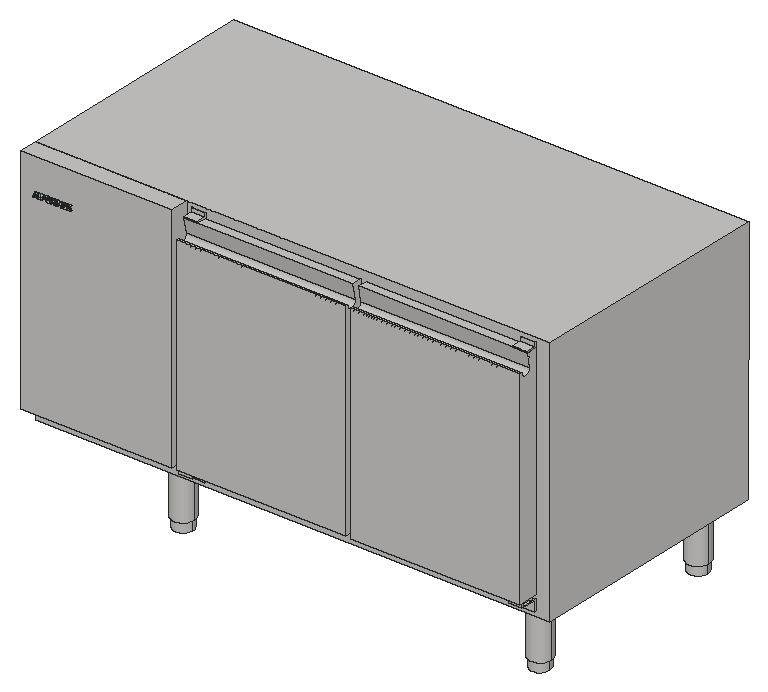
Revit family "QF_ALPENINOX_712675_AJ2F7AA", category Specialty Equipment, Revit 2018
Family settings
  Round Connector Dimension = Use Diameter
  Part Type = Normal
  Work Plane-Based = No
  Always vertical = Yes
  Cut with Voids When Loaded = No
  Shared = No
  Room Calculation Point = No
Parameters
  Weight = 0.00 kg
  Watts = 45.5225 W
  Volts = 220 V
  URL Manufacturer = "http://www.alpeninox.com"
  URL = "http://www.alpeninox.com"
  Steam Supply Size = 0 mm
  Steam Supply Minimum Pressure = 0.0 Pa
  Steam Supply Maximum Pressure = 0.0 Pa
  Steam Pounds per Hour = 0
  Refrigeration Suction Line Size = 0 mm
  Refrigeration Liquid Line Size = 0 mm
  Refrigerant Compressor Remote = yes
  Manufacturer = "Alpeninox"
  Phase = 1
  Model = "AJ2F7AA"
  Length Actual = 1341 mm  # constant formula
  Length = 1341 mm
  Item Number = "712675"
  Hot Water Size = 0 mm
  Height Actual = 800 mm  # constant formula
  Height = 650 mm
  HP = "0.7 HP"
  Gas Size = 0 mm
  Gas KW = 0
  Gas Input Pressure = 0 W
  Depth Actual = 700 mm  # constant formula
  Depth = 695 mm
  Description = "2 DOOR FREEZER TABLE -20C NO TOP"
  Cycle = 50 Hz
  Condensate Return Size = 0 mm
  Compressed Air Volume = 0.0 L/s
  Compressed Air Size = 0 mm
  Compressed Air Pressure = 0.0 Pa
  Cold Water Size = 0 mm
  Accessory = yes
Reference planes
  plane 1: z = 0
  plane 2 "Center (Left/Right)": x = -126.5
  plane 3 "Center (Front/Back)": y = 64.5
  plane 4 "FEET": z = 150
  plane 5 "TOP": z = 850
  plane 6 "PLAIN": z = 800
  plane 7 "EI_back": y = 359
  plane 8 "EI_left": x = -731
  plane 9 "BACK": y = 412
  plane 10 "FRONT": y = -283
  plane 11 "DOOR": y = -233
  plane 12 "LEFT": x = -797
  plane 13 "RIGHT": x = 544
  plane 14: x = -772
  plane 15: x = 519
Forms (mm)
  Extrusion 1, solid, material "QF_Finishes_Stainless Steel"
    sketch origin (-1022.223, -1524, 150) x (-1, 0, 0) y (0, -1, 0)
      loop
        circle (-291.223, -1883) r 5
    from 0 to -40
  Extrusion 2, solid, material "QF_Finishes_Stainless Steel"
    sketch origin (-1022.223, -1524, 150) x (-1, 0, 0) y (0, -1, 0)
      loop
        line (-225.223, -1936) -> (-225.223, -1291) -> (-1566.223, -1291) -> (-1566.223, -1936) -> (-225.223, -1936)
    from 0 to 650 <- "Height"
Lines and regions (mm)
  symbolic lines, style "SpecialityEquipmentHiddenLines"
    curve 1: line (-797, 412, 150) -> (544, 412, 150)
    curve 2: line (-797, -283, 150) -> (-797, 412, 150)
    curve 3: line (544, -283, 150) -> (-797, -283, 150)
    curve 4: line (544, 412, 150) -> (544, -283, 150)
    curve 5: line (-797, -233, 150) -> (544, -233, 150)
    curve 6: line (519, -283, 150) -> (519, -233, 150)
Dimensions and locks
  plane 4 "FEET" to level = 150 mm
  plane 11 "DOOR" to plane 10 "FRONT" = 50 mm
  "Height": plane 6 "PLAIN" to plane 4 "FEET"
  plane 5 "TOP" to plane 6 "PLAIN" = 50 mm
  plane 12 "LEFT" to plane 14 = 25 mm
  plane 15 to plane 13 "RIGHT" = 25 mm
  plane 9 "BACK" to plane 7 "EI_back" = 53 mm
  plane 12 "LEFT" to plane 8 "EI_left" = 66 mm
  "Length": plane 12 "LEFT" to plane 13 "RIGHT"
  equal spacing: plane 12 "LEFT", plane 2 "Center (Left/Right)", plane 13 "RIGHT"
  "Depth": plane 9 "BACK" to plane 10 "FRONT"
  equal spacing: plane 9 "BACK", plane 3 "Center (Front/Back)", plane 10 "FRONT"
  aligned and locked: level to plane 1
Automatic sketch dimensions
  Extrusion 1 sketch curve to plane 7 "EI_back" = 0 mm
  Extrusion 1 sketch curve to plane 8 "EI_left" = 0 mm
  Extrusion 2 sketch curve to plane 9 "BACK" = 0 mm
  Extrusion 2 sketch curve to plane 13 "RIGHT" = 0 mm
  Extrusion 2 sketch curve to plane 11 "DOOR" = 0 mm
  Extrusion 2 sketch curve to plane 12 "LEFT" = 0 mm
  curve 1 to plane 13 "RIGHT" = 0 mm
  curve 6 to plane 10 "FRONT" = 0 mm
  curve 6 to plane 15 = 0 mm
  curve 5 to plane 12 "LEFT" = 0 mm
  curve 6 to plane 11 "DOOR" = 0 mm
  curve 1 to plane 9 "BACK" = 0 mm
  radius of Extrusion 1 sketch curve = 5 mm
Nested families
  nested 1: "Freezer" at (544, -283, 0), type "Freezer"
  nested 2: "FEET" at (-452, 331, 0), type "FEET"
  nested 3: "FEET" at (478, 331, 0), type "FEET"
  nested 4: "FEET" at (-452, -183, 0), type "FEET"
  nested 5: "FEET" at (478, -183, 0), type "FEET"
  nested 6: "APX_BI_BT_L_650" at (-590.08, -233, 548) x (1, 0, 0) z (0, -1, 0), type "APX_BI_BT_L_650"
    with Show Logo yes
  nested 7: "APX_SD_L_650" at (-169, -233, 458.88) x (1, 0, 0) z (0, -1, 0), type "APX_SD_L_650"
    with Show Clearance yes
  nested 8: "APX_SD_R_650" at (285, -233, 458.88) x (1, 0, 0) z (0, -1, 0), type "APX_SD_R_650"
    with Show Clearance yes
Connectors
  electrical at (-731, 359, 110), driven by "Volts"
    settings: on Extrusion 1, index 1, voltage 220 V, apparent load 0 VA, apparent load phase1 0 VA, apparent load phase2 0 VA, apparent load phase3 0 VA, power factor 1, load classification "Other", number of poles 1, system type 31, power factor state 1, is connector primary yes, connector utility no, sub classification motor no, connector description "Electrical Connection"
Definition of nested family "FEET"
  Parameters
    FEET = 150 mm
  Reference planes
    plane 1 "Center (Front/Back)": y = 0
    plane 2: z = 0
    plane 3 "Center (Left/Right)": x = 0
    plane 4: z = 150
  Forms (mm)
    Revolve 1, solid
      sketch origin (255.05, 0, 608.09) x (0, 0, 1) y (-1, 0, 0)
        loop
          line (-608.09, 255.05) -> (-608.09, 230.05) -> (-583.09, 230.05) -> (-583.09, 226.05) -> (-458.09, 226.05) -> (-458.09, 255.05) -> (-608.09, 255.05)
        axis (-608.09, 255.05) -> (-458.09, 255.05)
      angle from 0 to 360
  Dimensions and locks
    locked: Revolve 1 sketch curve to Revolve 1 sketch curve at 125
    "FEET": plane 4 to plane 2
    aligned and locked: level to plane 2
    aligned and locked: plane 4 to Revolve 1 sketch curve
    aligned and locked: Revolve 1 sketch curve to level
    aligned and locked: plane 3 "Center (Left/Right)" to Revolve 1 sketch curve
  Automatic sketch dimensions
    Revolve 1 sketch curve to plane 3 "Center (Left/Right)" = 0 mm
    Revolve 1 sketch curve to Revolve 1 sketch curve = 25 mm
    Revolve 1 sketch curve to Revolve 1 sketch curve = 29 mm
    plane 4 to Revolve 1 sketch curve = 50 mm
    Revolve 1 sketch curve to Revolve 1 sketch curve = 20 mm
Definition of nested family "APX_BI_BT_L_650"
  Parameters
    Show Logo [instance] = yes
    Default Elevation = 1219.2 mm
  Reference planes
    plane 1 "Center (Front/Back)": y = -49
    plane 2: z = 0
    plane 3 "Center (Left/Right)": x = -9.92
    plane 4: x = -206.92
    plane 5: x = 187.08
    plane 6: y = 252
    plane 7: y = -350
  Forms (mm)
    Extrusion 1, solid
      sketch origin (0, 0, 0) x (1, 0, 0) y (0, 1, 0)
        loop
          line (-1219.2, 1219.2) -> (-1219.2, -1219.2) -> (1219.2, -1219.2) -> (1219.2, 1219.2) -> (-1219.2, 1219.2)
      from 0 to -304.8
    Extrusion 2, solid
      sketch origin (0, 0, 0) x (1, 0, 0) y (0, 1, 0)
        loop
          line (-206.92, 252) -> (-206.92, -350) -> (187.08, -350) -> (187.08, 252) -> (-206.92, 252)
      from 0 to 50
    Extrusion 3, solid, not visible
      sketch origin (0, 0, 0) x (1, 0, 0) y (0, 1, 0)
        loop
          line (-206.92, 252) -> (-206.92, -400) -> (87.08, -400) -> (87.08, 252) -> (-206.92, 252)
      from 0 to 50
    Extrusion 4, solid
      sketch origin (0, -0.336, 0) x (1, 0, 0) y (0, 1, 0)
        loop
          line (-168.675, 170.349) -> (-172.411, 160.318)
          arc (-172.411, 160.318) -> (-171.624, 158.497) -> (-169.837, 159.36) r 1.374
          line (-169.837, 159.36) -> (-169.268, 161.111) -> (-164.1, 161.111) -> (-163.54, 159.379)
          arc (-163.54, 159.379) -> (-161.802, 158.542) -> (-161.049, 160.318) r 1.333
          line (-161.049, 160.318) -> (-164.694, 170.349)
          arc (-164.694, 170.349) -> (-166.685, 171.876) -> (-168.675, 170.349) r 2.06
        loop
          line (-166.681, 169.055) -> (-168.469, 163.655) -> (-164.935, 163.655) -> (-166.681, 169.055)
        loop
          arc (-159.705, 160.042) -> (-159.262, 158.973) -> (-158.194, 158.531) r 1.512
          line (-158.194, 158.531) -> (-153.608, 158.531)
          arc (-153.608, 158.531) -> (-152.337, 159.802) -> (-153.608, 161.074) r 1.272
          line (-153.608, 161.074) -> (-156.917, 161.074) -> (-156.917, 170.328)
          arc (-156.917, 170.328) -> (-158.311, 171.722) -> (-159.705, 170.328) r 1.394
          line (-159.705, 170.328) -> (-159.705, 160.042)
        loop
          line (-151.076, 170.218) -> (-151.076, 159.859)
          arc (-151.076, 159.859) -> (-149.683, 158.466) -> (-148.29, 159.859) r 1.393
          line (-148.29, 159.859) -> (-148.29, 162.882) -> (-146.225, 162.882)
          arc (-146.225, 162.882) -> (-142.999, 163.859) -> (-141.608, 166.928) r 4.082
          arc (-141.608, 166.928) -> (-142.993, 170.272) -> (-146.336, 171.657) r 4.728
          line (-146.336, 171.657) -> (-149.638, 171.657)
          arc (-149.638, 171.657) -> (-150.655, 171.235) -> (-151.076, 170.218) r 1.439
        loop
          line (-148.29, 165.313) -> (-146.388, 165.313)
          arc (-146.388, 165.313) -> (-144.433, 167.268) -> (-146.388, 169.222) r 1.955
          line (-146.388, 169.222) -> (-148.29, 169.222) -> (-148.29, 165.313)
        loop
          arc (-131.184, 166.332) -> (-132.004, 168.2) -> (-133.767, 169.228) r 3.3
          arc (-133.767, 169.228) -> (-136.353, 168.661) -> (-137.611, 166.332) r 3.176
          line (-137.611, 166.332) -> (-131.184, 166.332)
        loop
          line (-137.538, 163.743) -> (-130.544, 163.743)
          arc (-130.544, 163.743) -> (-129.292, 163.916) -> (-128.301, 164.701) r 2.4
          arc (-128.301, 164.701) -> (-128.155, 165.545) -> (-128.212, 166.399) r 3.635
          arc (-128.212, 166.399) -> (-130.364, 170.162) -> (-134.39, 171.769) r 6.579
          arc (-134.39, 171.769) -> (-138.918, 169.706) -> (-140.661, 165.044) r 6.501
          arc (-140.661, 165.044) -> (-139.276, 160.789) -> (-135.401, 158.549) r 6.252
          arc (-135.401, 158.549) -> (-132.922, 158.526) -> (-130.544, 159.232) r 8.361
          arc (-130.544, 159.232) -> (-129.466, 159.781) -> (-128.641, 160.666) r 3.486
          arc (-128.641, 160.666) -> (-128.419, 161.592) -> (-128.828, 162.451) r 1.425
          arc (-128.828, 162.451) -> (-129.368, 162.762) -> (-129.99, 162.762) r 1.203
          arc (-129.99, 162.762) -> (-130.406, 162.59) -> (-130.764, 162.316) r 1.724
          arc (-130.764, 162.316) -> (-131.666, 161.705) -> (-132.646, 161.229) r 7.6
          arc (-132.646, 161.229) -> (-135.676, 161.35) -> (-137.538, 163.743) r 3.6
        loop
          line (-126.669, 170.328) -> (-126.669, 159.859)
          arc (-126.669, 159.859) -> (-125.273, 158.463) -> (-123.878, 159.859) r 1.396
          line (-123.878, 159.859) -> (-123.878, 166.785) -> (-117.946, 159.029)
          arc (-117.946, 159.029) -> (-116.361, 158.51) -> (-115.379, 159.859) r 1.417
          line (-115.379, 159.859) -> (-115.379, 170.328)
          arc (-115.379, 170.328) -> (-116.774, 171.723) -> (-118.169, 170.328) r 1.395
          line (-118.169, 170.328) -> (-118.169, 163.311) -> (-124.101, 171.157)
          arc (-124.101, 171.157) -> (-125.687, 171.678) -> (-126.669, 170.328) r 1.418
        loop
          arc (-113.636, 159.859) -> (-112.241, 158.464) -> (-110.847, 159.859) r 1.394
          line (-110.847, 159.859) -> (-110.847, 170.328)
          arc (-110.847, 170.328) -> (-112.241, 171.723) -> (-113.636, 170.328) r 1.394
          line (-113.636, 170.328) -> (-113.636, 159.859)
        loop
          line (-109.102, 170.328) -> (-109.102, 159.859)
          arc (-109.102, 159.859) -> (-107.706, 158.463) -> (-106.31, 159.859) r 1.396
          line (-106.31, 159.859) -> (-106.31, 166.785) -> (-100.378, 159.029)
          arc (-100.378, 159.029) -> (-98.793, 158.51) -> (-97.812, 159.859) r 1.417
          line (-97.812, 159.859) -> (-97.812, 170.328)
          arc (-97.812, 170.328) -> (-99.207, 171.723) -> (-100.602, 170.328) r 1.395
          line (-100.602, 170.328) -> (-100.602, 163.311) -> (-106.533, 171.157)
          arc (-106.533, 171.157) -> (-108.119, 171.678) -> (-109.102, 170.328) r 1.418
        loop
          arc (-96.345, 165.093) -> (-95.619, 161.877) -> (-93.467, 159.379) r 6.806
          arc (-93.467, 159.379) -> (-91.792, 158.566) -> (-89.948, 158.31) r 5.956
          arc (-89.948, 158.31) -> (-88.104, 158.566) -> (-86.43, 159.379) r 5.956
          arc (-86.43, 159.379) -> (-84.277, 161.877) -> (-83.551, 165.093) r 6.806
          arc (-83.551, 165.093) -> (-84.277, 168.31) -> (-86.43, 170.808) r 6.806
          arc (-86.43, 170.808) -> (-88.104, 171.621) -> (-89.948, 171.877) r 5.956
          arc (-89.948, 171.877) -> (-91.792, 171.621) -> (-93.467, 170.808) r 5.956
          arc (-93.467, 170.808) -> (-95.619, 168.31) -> (-96.345, 165.093) r 6.806
        loop
          arc (-93.425, 165.093) -> (-93.138, 163.212) -> (-92.081, 161.629) r 4.387
          arc (-92.081, 161.629) -> (-91.087, 161.049) -> (-89.948, 160.881) r 3.035
          arc (-89.948, 160.881) -> (-88.809, 161.049) -> (-87.815, 161.629) r 3.035
          arc (-87.815, 161.629) -> (-86.759, 163.212) -> (-86.472, 165.093) r 4.387
          arc (-86.472, 165.093) -> (-86.759, 166.975) -> (-87.815, 168.558) r 4.387
          arc (-87.815, 168.558) -> (-88.809, 169.138) -> (-89.948, 169.306) r 3.035
          arc (-89.948, 169.306) -> (-91.087, 169.138) -> (-92.081, 168.558) r 3.035
          arc (-92.081, 168.558) -> (-93.138, 166.975) -> (-93.425, 165.093) r 4.387
        loop
          line (-83.139, 169.609) -> (-80.126, 165.552) -> (-83.81, 160.652)
          arc (-83.81, 160.652) -> (-83.512, 158.692) -> (-81.559, 159.029) r 1.388
          line (-81.559, 159.029) -> (-78.51, 163.232) -> (-75.461, 159.029)
          arc (-75.461, 159.029) -> (-73.507, 158.692) -> (-73.21, 160.652) r 1.388
          line (-73.21, 160.652) -> (-76.894, 165.552) -> (-73.881, 169.609)
          arc (-73.881, 169.609) -> (-74.249, 171.597) -> (-76.205, 171.084) r 1.38
          line (-76.205, 171.084) -> (-78.51, 167.841) -> (-80.815, 171.084)
          arc (-80.815, 171.084) -> (-82.771, 171.597) -> (-83.139, 169.609) r 1.38
      from 50 to 51.6
  Lines and regions (mm)
    Split face 1
      outline origin (-138, 0, 50) x (1, 0, 0) y (0, 1, 0)
        loop
          line (94.58, 177) -> (94.58, 154) -> (164.58, 154) -> (164.58, 177) -> (94.58, 177)
    Split face 2
      outline origin (-138, 0, 50) x (1, 0, 0) y (0, 1, 0)
        loop
          line (144.58, 174) -> (144.58, 157) -> (161.58, 157) -> (161.58, 174) -> (144.58, 174)
    Split face 3
      outline origin (0, 0, 50) x (1, 0, 0) y (0, 1, 0)
        loop
          line (-206.92, 188) -> (187.08, 188)
    Split face 4
      outline origin (-5, 0, 50) x (1, 0, 0) y (0, 1, 0)
        loop
          arc (-163.464, 131.824) -> (-167.464, 127.824) -> (-163.464, 123.824) r 4
          line (-163.464, 123.824) -> (-121.464, 123.824)
          arc (-121.464, 123.824) -> (-117.464, 127.824) -> (-121.464, 131.824) r 4
          line (-121.464, 131.824) -> (-163.464, 131.824)
    Split face 5
      outline origin (325, 0, 50) x (1, 0, 0) y (0, 1, 0)
        loop
          arc (-328.464, 131.824) -> (-332.464, 127.824) -> (-328.464, 123.824) r 4
          line (-328.464, 123.824) -> (-286.464, 123.824)
          arc (-286.464, 123.824) -> (-282.464, 127.824) -> (-286.464, 131.824) r 4
          line (-286.464, 131.824) -> (-328.464, 131.824)
    Split face 6
      outline origin (105, 0, 50) x (1, 0, 0) y (0, 1, 0)
        loop
          arc (-218.464, 131.824) -> (-222.464, 127.824) -> (-218.464, 123.824) r 4
          line (-218.464, 123.824) -> (-176.464, 123.824)
          arc (-176.464, 123.824) -> (-172.464, 127.824) -> (-176.464, 131.824) r 4
          line (-176.464, 131.824) -> (-218.464, 131.824)
    Split face 7
      outline origin (215, 0, 50) x (1, 0, 0) y (0, 1, 0)
        loop
          arc (-273.464, 131.824) -> (-277.464, 127.824) -> (-273.464, 123.824) r 4
          line (-273.464, 123.824) -> (-231.464, 123.824)
          arc (-231.464, 123.824) -> (-227.464, 127.824) -> (-231.464, 131.824) r 4
          line (-231.464, 131.824) -> (-273.464, 131.824)
    Split face 8, not visible
      outline origin (0, 0, 50) x (1, 0, 0) y (0, 1, 0)
        loop
          arc (-163.464, 131.824) -> (-167.464, 127.824) -> (-163.464, 123.824) r 4
          line (-163.464, 123.824) -> (-121.464, 123.824)
          arc (-121.464, 123.824) -> (-117.464, 127.824) -> (-121.464, 131.824) r 4
          line (-121.464, 131.824) -> (-163.464, 131.824)
    Split face 9
      outline origin (-5, -24, 50) x (1, 0, 0) y (0, 1, 0)
        loop
          arc (-163.464, 143.824) -> (-167.464, 139.824) -> (-163.464, 135.824) r 4
          line (-163.464, 135.824) -> (-121.464, 135.824)
          arc (-121.464, 135.824) -> (-117.464, 139.824) -> (-121.464, 143.824) r 4
          line (-121.464, 143.824) -> (-163.464, 143.824)
    Split face 10
      outline origin (325, -24, 50) x (1, 0, 0) y (0, 1, 0)
        loop
          arc (-328.464, 143.824) -> (-332.464, 139.824) -> (-328.464, 135.824) r 4
          line (-328.464, 135.824) -> (-286.464, 135.824)
          arc (-286.464, 135.824) -> (-282.464, 139.824) -> (-286.464, 143.824) r 4
          line (-286.464, 143.824) -> (-328.464, 143.824)
    Split face 11
      outline origin (105, -24, 50) x (1, 0, 0) y (0, 1, 0)
        loop
          arc (-218.464, 143.824) -> (-222.464, 139.824) -> (-218.464, 135.824) r 4
          line (-218.464, 135.824) -> (-176.464, 135.824)
          arc (-176.464, 135.824) -> (-172.464, 139.824) -> (-176.464, 143.824) r 4
          line (-176.464, 143.824) -> (-218.464, 143.824)
    Split face 12
      outline origin (215, -24, 50) x (1, 0, 0) y (0, 1, 0)
        loop
          arc (-273.464, 143.824) -> (-277.464, 139.824) -> (-273.464, 135.824) r 4
          line (-273.464, 135.824) -> (-231.464, 135.824)
          arc (-231.464, 135.824) -> (-227.464, 139.824) -> (-231.464, 143.824) r 4
          line (-231.464, 143.824) -> (-273.464, 143.824)
    Split face 13
      outline origin (-5, -48, 50) x (1, 0, 0) y (0, 1, 0)
        loop
          arc (-163.464, 155.824) -> (-167.464, 151.824) -> (-163.464, 147.824) r 4
          line (-163.464, 147.824) -> (-121.464, 147.824)
          arc (-121.464, 147.824) -> (-117.464, 151.824) -> (-121.464, 155.824) r 4
          line (-121.464, 155.824) -> (-163.464, 155.824)
    Split face 14
      outline origin (325, -48, 50) x (1, 0, 0) y (0, 1, 0)
        loop
          arc (-328.464, 155.824) -> (-332.464, 151.824) -> (-328.464, 147.824) r 4
          line (-328.464, 147.824) -> (-286.464, 147.824)
          arc (-286.464, 147.824) -> (-282.464, 151.824) -> (-286.464, 155.824) r 4
          line (-286.464, 155.824) -> (-328.464, 155.824)
    Split face 15
      outline origin (105, -48, 50) x (1, 0, 0) y (0, 1, 0)
        loop
          arc (-218.464, 155.824) -> (-222.464, 151.824) -> (-218.464, 147.824) r 4
          line (-218.464, 147.824) -> (-176.464, 147.824)
          arc (-176.464, 147.824) -> (-172.464, 151.824) -> (-176.464, 155.824) r 4
          line (-176.464, 155.824) -> (-218.464, 155.824)
    Split face 16
      outline origin (215, -48, 50) x (1, 0, 0) y (0, 1, 0)
        loop
          arc (-273.464, 155.824) -> (-277.464, 151.824) -> (-273.464, 147.824) r 4
          line (-273.464, 147.824) -> (-231.464, 147.824)
          arc (-231.464, 147.824) -> (-227.464, 151.824) -> (-231.464, 155.824) r 4
          line (-231.464, 155.824) -> (-273.464, 155.824)
    Split face 17
      outline origin (-5, -72, 50) x (1, 0, 0) y (0, 1, 0)
        loop
          arc (-163.464, 167.824) -> (-167.464, 163.824) -> (-163.464, 159.824) r 4
          line (-163.464, 159.824) -> (-121.464, 159.824)
          arc (-121.464, 159.824) -> (-117.464, 163.824) -> (-121.464, 167.824) r 4
          line (-121.464, 167.824) -> (-163.464, 167.824)
    Split face 18
      outline origin (325, -72, 50) x (1, 0, 0) y (0, 1, 0)
        loop
          arc (-328.464, 167.824) -> (-332.464, 163.824) -> (-328.464, 159.824) r 4
          line (-328.464, 159.824) -> (-286.464, 159.824)
          arc (-286.464, 159.824) -> (-282.464, 163.824) -> (-286.464, 167.824) r 4
          line (-286.464, 167.824) -> (-328.464, 167.824)
    Split face 19
      outline origin (105, -72, 50) x (1, 0, 0) y (0, 1, 0)
        loop
          arc (-218.464, 167.824) -> (-222.464, 163.824) -> (-218.464, 159.824) r 4
          line (-218.464, 159.824) -> (-176.464, 159.824)
          arc (-176.464, 159.824) -> (-172.464, 163.824) -> (-176.464, 167.824) r 4
          line (-176.464, 167.824) -> (-218.464, 167.824)
    Split face 20
      outline origin (215, -72, 50) x (1, 0, 0) y (0, 1, 0)
        loop
          arc (-273.464, 167.824) -> (-277.464, 163.824) -> (-273.464, 159.824) r 4
          line (-273.464, 159.824) -> (-231.464, 159.824)
          arc (-231.464, 159.824) -> (-227.464, 163.824) -> (-231.464, 167.824) r 4
          line (-231.464, 167.824) -> (-273.464, 167.824)
    Split face 21
      outline origin (-5, -96, 50) x (1, 0, 0) y (0, 1, 0)
        loop
          arc (-163.464, 179.824) -> (-167.464, 175.824) -> (-163.464, 171.824) r 4
          line (-163.464, 171.824) -> (-121.464, 171.824)
          arc (-121.464, 171.824) -> (-117.464, 175.824) -> (-121.464, 179.824) r 4
          line (-121.464, 179.824) -> (-163.464, 179.824)
    Split face 22
      outline origin (325, -96, 50) x (1, 0, 0) y (0, 1, 0)
        loop
          arc (-328.464, 179.824) -> (-332.464, 175.824) -> (-328.464, 171.824) r 4
          line (-328.464, 171.824) -> (-286.464, 171.824)
          arc (-286.464, 171.824) -> (-282.464, 175.824) -> (-286.464, 179.824) r 4
          line (-286.464, 179.824) -> (-328.464, 179.824)
    Split face 23
      outline origin (105, -96, 50) x (1, 0, 0) y (0, 1, 0)
        loop
          arc (-218.464, 179.824) -> (-222.464, 175.824) -> (-218.464, 171.824) r 4
          line (-218.464, 171.824) -> (-176.464, 171.824)
          arc (-176.464, 171.824) -> (-172.464, 175.824) -> (-176.464, 179.824) r 4
          line (-176.464, 179.824) -> (-218.464, 179.824)
    Split face 24
      outline origin (215, -96, 50) x (1, 0, 0) y (0, 1, 0)
        loop
          arc (-273.464, 179.824) -> (-277.464, 175.824) -> (-273.464, 171.824) r 4
          line (-273.464, 171.824) -> (-231.464, 171.824)
          arc (-231.464, 171.824) -> (-227.464, 175.824) -> (-231.464, 179.824) r 4
          line (-231.464, 179.824) -> (-273.464, 179.824)
    Split face 25
      outline origin (-5, -120, 50) x (1, 0, 0) y (0, 1, 0)
        loop
          arc (-163.464, 191.824) -> (-167.464, 187.824) -> (-163.464, 183.824) r 4
          line (-163.464, 183.824) -> (-121.464, 183.824)
          arc (-121.464, 183.824) -> (-117.464, 187.824) -> (-121.464, 191.824) r 4
          line (-121.464, 191.824) -> (-163.464, 191.824)
    Split face 26
      outline origin (325, -120, 50) x (1, 0, 0) y (0, 1, 0)
        loop
          arc (-328.464, 191.824) -> (-332.464, 187.824) -> (-328.464, 183.824) r 4
          line (-328.464, 183.824) -> (-286.464, 183.824)
          arc (-286.464, 183.824) -> (-282.464, 187.824) -> (-286.464, 191.824) r 4
          line (-286.464, 191.824) -> (-328.464, 191.824)
    Split face 27
      outline origin (105, -120, 50) x (1, 0, 0) y (0, 1, 0)
        loop
          arc (-218.464, 191.824) -> (-222.464, 187.824) -> (-218.464, 183.824) r 4
          line (-218.464, 183.824) -> (-176.464, 183.824)
          arc (-176.464, 183.824) -> (-172.464, 187.824) -> (-176.464, 191.824) r 4
          line (-176.464, 191.824) -> (-218.464, 191.824)
    Split face 28
      outline origin (215, -120, 50) x (1, 0, 0) y (0, 1, 0)
        loop
          arc (-273.464, 191.824) -> (-277.464, 187.824) -> (-273.464, 183.824) r 4
          line (-273.464, 183.824) -> (-231.464, 183.824)
          arc (-231.464, 183.824) -> (-227.464, 187.824) -> (-231.464, 191.824) r 4
          line (-231.464, 191.824) -> (-273.464, 191.824)
    Split face 29
      outline origin (-5, -144, 50) x (1, 0, 0) y (0, 1, 0)
        loop
          arc (-163.464, 203.824) -> (-167.464, 199.824) -> (-163.464, 195.824) r 4
          line (-163.464, 195.824) -> (-121.464, 195.824)
          arc (-121.464, 195.824) -> (-117.464, 199.824) -> (-121.464, 203.824) r 4
          line (-121.464, 203.824) -> (-163.464, 203.824)
    Split face 30
      outline origin (325, -144, 50) x (1, 0, 0) y (0, 1, 0)
        loop
          arc (-328.464, 203.824) -> (-332.464, 199.824) -> (-328.464, 195.824) r 4
          line (-328.464, 195.824) -> (-286.464, 195.824)
          arc (-286.464, 195.824) -> (-282.464, 199.824) -> (-286.464, 203.824) r 4
          line (-286.464, 203.824) -> (-328.464, 203.824)
    Split face 31
      outline origin (105, -144, 50) x (1, 0, 0) y (0, 1, 0)
        loop
          arc (-218.464, 203.824) -> (-222.464, 199.824) -> (-218.464, 195.824) r 4
          line (-218.464, 195.824) -> (-176.464, 195.824)
          arc (-176.464, 195.824) -> (-172.464, 199.824) -> (-176.464, 203.824) r 4
          line (-176.464, 203.824) -> (-218.464, 203.824)
    Split face 32
      outline origin (215, -144, 50) x (1, 0, 0) y (0, 1, 0)
        loop
          arc (-273.464, 203.824) -> (-277.464, 199.824) -> (-273.464, 195.824) r 4
          line (-273.464, 195.824) -> (-231.464, 195.824)
          arc (-231.464, 195.824) -> (-227.464, 199.824) -> (-231.464, 203.824) r 4
          line (-231.464, 203.824) -> (-273.464, 203.824)
    Split face 33
      outline origin (-5, -168, 50) x (1, 0, 0) y (0, 1, 0)
        loop
          arc (-163.464, 215.824) -> (-167.464, 211.824) -> (-163.464, 207.824) r 4
          line (-163.464, 207.824) -> (-121.464, 207.824)
          arc (-121.464, 207.824) -> (-117.464, 211.824) -> (-121.464, 215.824) r 4
          line (-121.464, 215.824) -> (-163.464, 215.824)
    Split face 34
      outline origin (325, -168, 50) x (1, 0, 0) y (0, 1, 0)
        loop
          arc (-328.464, 215.824) -> (-332.464, 211.824) -> (-328.464, 207.824) r 4
          line (-328.464, 207.824) -> (-286.464, 207.824)
          arc (-286.464, 207.824) -> (-282.464, 211.824) -> (-286.464, 215.824) r 4
          line (-286.464, 215.824) -> (-328.464, 215.824)
    Split face 35
      outline origin (105, -168, 50) x (1, 0, 0) y (0, 1, 0)
        loop
          arc (-218.464, 215.824) -> (-222.464, 211.824) -> (-218.464, 207.824) r 4
          line (-218.464, 207.824) -> (-176.464, 207.824)
          arc (-176.464, 207.824) -> (-172.464, 211.824) -> (-176.464, 215.824) r 4
          line (-176.464, 215.824) -> (-218.464, 215.824)
    Split face 36
      outline origin (215, -168, 50) x (1, 0, 0) y (0, 1, 0)
        loop
          arc (-273.464, 215.824) -> (-277.464, 211.824) -> (-273.464, 207.824) r 4
          line (-273.464, 207.824) -> (-231.464, 207.824)
          arc (-231.464, 207.824) -> (-227.464, 211.824) -> (-231.464, 215.824) r 4
          line (-231.464, 215.824) -> (-273.464, 215.824)
    Split face 37
      outline origin (-5, -192, 50) x (1, 0, 0) y (0, 1, 0)
        loop
          arc (-163.464, 227.824) -> (-167.464, 223.824) -> (-163.464, 219.824) r 4
          line (-163.464, 219.824) -> (-121.464, 219.824)
          arc (-121.464, 219.824) -> (-117.464, 223.824) -> (-121.464, 227.824) r 4
          line (-121.464, 227.824) -> (-163.464, 227.824)
    Split face 38
      outline origin (325, -192, 50) x (1, 0, 0) y (0, 1, 0)
        loop
          arc (-328.464, 227.824) -> (-332.464, 223.824) -> (-328.464, 219.824) r 4
          line (-328.464, 219.824) -> (-286.464, 219.824)
          arc (-286.464, 219.824) -> (-282.464, 223.824) -> (-286.464, 227.824) r 4
          line (-286.464, 227.824) -> (-328.464, 227.824)
    Split face 39
      outline origin (105, -192, 50) x (1, 0, 0) y (0, 1, 0)
        loop
          arc (-218.464, 227.824) -> (-222.464, 223.824) -> (-218.464, 219.824) r 4
          line (-218.464, 219.824) -> (-176.464, 219.824)
          arc (-176.464, 219.824) -> (-172.464, 223.824) -> (-176.464, 227.824) r 4
          line (-176.464, 227.824) -> (-218.464, 227.824)
    Split face 40
      outline origin (215, -192, 50) x (1, 0, 0) y (0, 1, 0)
        loop
          arc (-273.464, 227.824) -> (-277.464, 223.824) -> (-273.464, 219.824) r 4
          line (-273.464, 219.824) -> (-231.464, 219.824)
          arc (-231.464, 219.824) -> (-227.464, 223.824) -> (-231.464, 227.824) r 4
          line (-231.464, 227.824) -> (-273.464, 227.824)
    Split face 41
      outline origin (-5, -216, 50) x (1, 0, 0) y (0, 1, 0)
        loop
          arc (-163.464, 239.824) -> (-167.464, 235.824) -> (-163.464, 231.824) r 4
          line (-163.464, 231.824) -> (-121.464, 231.824)
          arc (-121.464, 231.824) -> (-117.464, 235.824) -> (-121.464, 239.824) r 4
          line (-121.464, 239.824) -> (-163.464, 239.824)
    Split face 42
      outline origin (325, -216, 50) x (1, 0, 0) y (0, 1, 0)
        loop
          arc (-328.464, 239.824) -> (-332.464, 235.824) -> (-328.464, 231.824) r 4
          line (-328.464, 231.824) -> (-286.464, 231.824)
          arc (-286.464, 231.824) -> (-282.464, 235.824) -> (-286.464, 239.824) r 4
          line (-286.464, 239.824) -> (-328.464, 239.824)
    Split face 43
      outline origin (105, -216, 50) x (1, 0, 0) y (0, 1, 0)
        loop
          arc (-218.464, 239.824) -> (-222.464, 235.824) -> (-218.464, 231.824) r 4
          line (-218.464, 231.824) -> (-176.464, 231.824)
          arc (-176.464, 231.824) -> (-172.464, 235.824) -> (-176.464, 239.824) r 4
          line (-176.464, 239.824) -> (-218.464, 239.824)
    Split face 44
      outline origin (215, -216, 50) x (1, 0, 0) y (0, 1, 0)
        loop
          arc (-273.464, 239.824) -> (-277.464, 235.824) -> (-273.464, 231.824) r 4
          line (-273.464, 231.824) -> (-231.464, 231.824)
          arc (-231.464, 231.824) -> (-227.464, 235.824) -> (-231.464, 239.824) r 4
          line (-231.464, 239.824) -> (-273.464, 239.824)
    Split face 45
      outline origin (-5, -240, 50) x (1, 0, 0) y (0, 1, 0)
        loop
          arc (-163.464, 251.824) -> (-167.464, 247.824) -> (-163.464, 243.824) r 4
          line (-163.464, 243.824) -> (-121.464, 243.824)
          arc (-121.464, 243.824) -> (-117.464, 247.824) -> (-121.464, 251.824) r 4
          line (-121.464, 251.824) -> (-163.464, 251.824)
    Split face 46
      outline origin (325, -240, 50) x (1, 0, 0) y (0, 1, 0)
        loop
          arc (-328.464, 251.824) -> (-332.464, 247.824) -> (-328.464, 243.824) r 4
          line (-328.464, 243.824) -> (-286.464, 243.824)
          arc (-286.464, 243.824) -> (-282.464, 247.824) -> (-286.464, 251.824) r 4
          line (-286.464, 251.824) -> (-328.464, 251.824)
    Split face 47
      outline origin (105, -240, 50) x (1, 0, 0) y (0, 1, 0)
        loop
          arc (-218.464, 251.824) -> (-222.464, 247.824) -> (-218.464, 243.824) r 4
          line (-218.464, 243.824) -> (-176.464, 243.824)
          arc (-176.464, 243.824) -> (-172.464, 247.824) -> (-176.464, 251.824) r 4
          line (-176.464, 251.824) -> (-218.464, 251.824)
    Split face 48
      outline origin (215, -240, 50) x (1, 0, 0) y (0, 1, 0)
        loop
          arc (-273.464, 251.824) -> (-277.464, 247.824) -> (-273.464, 243.824) r 4
          line (-273.464, 243.824) -> (-231.464, 243.824)
          arc (-231.464, 243.824) -> (-227.464, 247.824) -> (-231.464, 251.824) r 4
          line (-231.464, 251.824) -> (-273.464, 251.824)
    Split face 49
      outline origin (-5, -264, 50) x (1, 0, 0) y (0, 1, 0)
        loop
          arc (-163.464, 263.824) -> (-167.464, 259.824) -> (-163.464, 255.824) r 4
          line (-163.464, 255.824) -> (-121.464, 255.824)
          arc (-121.464, 255.824) -> (-117.464, 259.824) -> (-121.464, 263.824) r 4
          line (-121.464, 263.824) -> (-163.464, 263.824)
    Split face 50
      outline origin (325, -264, 50) x (1, 0, 0) y (0, 1, 0)
        loop
          arc (-328.464, 263.824) -> (-332.464, 259.824) -> (-328.464, 255.824) r 4
          line (-328.464, 255.824) -> (-286.464, 255.824)
          arc (-286.464, 255.824) -> (-282.464, 259.824) -> (-286.464, 263.824) r 4
          line (-286.464, 263.824) -> (-328.464, 263.824)
    Split face 51
      outline origin (105, -264, 50) x (1, 0, 0) y (0, 1, 0)
        loop
          arc (-218.464, 263.824) -> (-222.464, 259.824) -> (-218.464, 255.824) r 4
          line (-218.464, 255.824) -> (-176.464, 255.824)
          arc (-176.464, 255.824) -> (-172.464, 259.824) -> (-176.464, 263.824) r 4
          line (-176.464, 263.824) -> (-218.464, 263.824)
    Split face 52
      outline origin (215, -264, 50) x (1, 0, 0) y (0, 1, 0)
        loop
          arc (-273.464, 263.824) -> (-277.464, 259.824) -> (-273.464, 255.824) r 4
          line (-273.464, 255.824) -> (-231.464, 255.824)
          arc (-231.464, 255.824) -> (-227.464, 259.824) -> (-231.464, 263.824) r 4
          line (-231.464, 263.824) -> (-273.464, 263.824)
    Split face 53
      outline origin (-5, -288, 50) x (1, 0, 0) y (0, 1, 0)
        loop
          arc (-163.464, 275.824) -> (-167.464, 271.824) -> (-163.464, 267.824) r 4
          line (-163.464, 267.824) -> (-121.464, 267.824)
          arc (-121.464, 267.824) -> (-117.464, 271.824) -> (-121.464, 275.824) r 4
          line (-121.464, 275.824) -> (-163.464, 275.824)
    Split face 54
      outline origin (325, -288, 50) x (1, 0, 0) y (0, 1, 0)
        loop
          arc (-328.464, 275.824) -> (-332.464, 271.824) -> (-328.464, 267.824) r 4
          line (-328.464, 267.824) -> (-286.464, 267.824)
          arc (-286.464, 267.824) -> (-282.464, 271.824) -> (-286.464, 275.824) r 4
          line (-286.464, 275.824) -> (-328.464, 275.824)
    Split face 55
      outline origin (105, -288, 50) x (1, 0, 0) y (0, 1, 0)
        loop
          arc (-218.464, 275.824) -> (-222.464, 271.824) -> (-218.464, 267.824) r 4
          line (-218.464, 267.824) -> (-176.464, 267.824)
          arc (-176.464, 267.824) -> (-172.464, 271.824) -> (-176.464, 275.824) r 4
          line (-176.464, 275.824) -> (-218.464, 275.824)
    Split face 56
      outline origin (215, -288, 50) x (1, 0, 0) y (0, 1, 0)
        loop
          arc (-273.464, 275.824) -> (-277.464, 271.824) -> (-273.464, 267.824) r 4
          line (-273.464, 267.824) -> (-231.464, 267.824)
          arc (-231.464, 267.824) -> (-227.464, 271.824) -> (-231.464, 275.824) r 4
          line (-231.464, 275.824) -> (-273.464, 275.824)
    Split face 57
      outline origin (-5, -312, 50) x (1, 0, 0) y (0, 1, 0)
        loop
          arc (-163.464, 287.824) -> (-167.464, 283.824) -> (-163.464, 279.824) r 4
          line (-163.464, 279.824) -> (-121.464, 279.824)
          arc (-121.464, 279.824) -> (-117.464, 283.824) -> (-121.464, 287.824) r 4
          line (-121.464, 287.824) -> (-163.464, 287.824)
    Split face 58
      outline origin (325, -312, 50) x (1, 0, 0) y (0, 1, 0)
        loop
          arc (-328.464, 287.824) -> (-332.464, 283.824) -> (-328.464, 279.824) r 4
          line (-328.464, 279.824) -> (-286.464, 279.824)
          arc (-286.464, 279.824) -> (-282.464, 283.824) -> (-286.464, 287.824) r 4
          line (-286.464, 287.824) -> (-328.464, 287.824)
    Split face 59
      outline origin (105, -312, 50) x (1, 0, 0) y (0, 1, 0)
        loop
          arc (-218.464, 287.824) -> (-222.464, 283.824) -> (-218.464, 279.824) r 4
          line (-218.464, 279.824) -> (-176.464, 279.824)
          arc (-176.464, 279.824) -> (-172.464, 283.824) -> (-176.464, 287.824) r 4
          line (-176.464, 287.824) -> (-218.464, 287.824)
    Split face 60
      outline origin (215, -312, 50) x (1, 0, 0) y (0, 1, 0)
        loop
          arc (-273.464, 287.824) -> (-277.464, 283.824) -> (-273.464, 279.824) r 4
          line (-273.464, 279.824) -> (-231.464, 279.824)
          arc (-231.464, 279.824) -> (-227.464, 283.824) -> (-231.464, 287.824) r 4
          line (-231.464, 287.824) -> (-273.464, 287.824)
    Split face 61
      outline origin (-5, -336, 50) x (1, 0, 0) y (0, 1, 0)
        loop
          arc (-163.464, 299.824) -> (-167.464, 295.824) -> (-163.464, 291.824) r 4
          line (-163.464, 291.824) -> (-121.464, 291.824)
          arc (-121.464, 291.824) -> (-117.464, 295.824) -> (-121.464, 299.824) r 4
          line (-121.464, 299.824) -> (-163.464, 299.824)
    Split face 62
      outline origin (325, -336, 50) x (1, 0, 0) y (0, 1, 0)
        loop
          arc (-328.464, 299.824) -> (-332.464, 295.824) -> (-328.464, 291.824) r 4
          line (-328.464, 291.824) -> (-286.464, 291.824)
          arc (-286.464, 291.824) -> (-282.464, 295.824) -> (-286.464, 299.824) r 4
          line (-286.464, 299.824) -> (-328.464, 299.824)
    Split face 63
      outline origin (105, -336, 50) x (1, 0, 0) y (0, 1, 0)
        loop
          arc (-218.464, 299.824) -> (-222.464, 295.824) -> (-218.464, 291.824) r 4
          line (-218.464, 291.824) -> (-176.464, 291.824)
          arc (-176.464, 291.824) -> (-172.464, 295.824) -> (-176.464, 299.824) r 4
          line (-176.464, 299.824) -> (-218.464, 299.824)
    Split face 64
      outline origin (215, -336, 50) x (1, 0, 0) y (0, 1, 0)
        loop
          arc (-273.464, 299.824) -> (-277.464, 295.824) -> (-273.464, 291.824) r 4
          line (-273.464, 291.824) -> (-231.464, 291.824)
          arc (-231.464, 291.824) -> (-227.464, 295.824) -> (-231.464, 299.824) r 4
          line (-231.464, 299.824) -> (-273.464, 299.824)
    Split face 65
      outline origin (-5, -360, 50) x (1, 0, 0) y (0, 1, 0)
        loop
          arc (-163.464, 311.824) -> (-167.464, 307.824) -> (-163.464, 303.824) r 4
          line (-163.464, 303.824) -> (-121.464, 303.824)
          arc (-121.464, 303.824) -> (-117.464, 307.824) -> (-121.464, 311.824) r 4
          line (-121.464, 311.824) -> (-163.464, 311.824)
    Split face 66
      outline origin (325, -360, 50) x (1, 0, 0) y (0, 1, 0)
        loop
          arc (-328.464, 311.824) -> (-332.464, 307.824) -> (-328.464, 303.824) r 4
          line (-328.464, 303.824) -> (-286.464, 303.824)
          arc (-286.464, 303.824) -> (-282.464, 307.824) -> (-286.464, 311.824) r 4
          line (-286.464, 311.824) -> (-328.464, 311.824)
    Split face 67
      outline origin (105, -360, 50) x (1, 0, 0) y (0, 1, 0)
        loop
          arc (-218.464, 311.824) -> (-222.464, 307.824) -> (-218.464, 303.824) r 4
          line (-218.464, 303.824) -> (-176.464, 303.824)
          arc (-176.464, 303.824) -> (-172.464, 307.824) -> (-176.464, 311.824) r 4
          line (-176.464, 311.824) -> (-218.464, 311.824)
    Split face 68
      outline origin (215, -360, 50) x (1, 0, 0) y (0, 1, 0)
        loop
          arc (-273.464, 311.824) -> (-277.464, 307.824) -> (-273.464, 303.824) r 4
          line (-273.464, 303.824) -> (-231.464, 303.824)
          arc (-231.464, 303.824) -> (-227.464, 307.824) -> (-231.464, 311.824) r 4
          line (-231.464, 311.824) -> (-273.464, 311.824)
    Split face 69
      outline origin (0, 0, 50) x (1, 0, 0) y (0, 1, 0)
        loop
          line (-206.92, 143) -> (187.08, 143)
    Split face 70
      outline origin (-5, -663.3, 50) x (1, 0, 0) y (0, 1, 0)
        loop
          arc (-163.464, 513.474) -> (-167.464, 509.474) -> (-163.464, 505.474) r 4
          line (-163.464, 505.474) -> (-121.464, 505.474)
          arc (-121.464, 505.474) -> (-117.464, 509.474) -> (-121.464, 513.474) r 4
          line (-121.464, 513.474) -> (-163.464, 513.474)
    Split face 71
      outline origin (325, -663.3, 50) x (1, 0, 0) y (0, 1, 0)
        loop
          arc (-328.464, 513.474) -> (-332.464, 509.474) -> (-328.464, 505.474) r 4
          line (-328.464, 505.474) -> (-286.464, 505.474)
          arc (-286.464, 505.474) -> (-282.464, 509.474) -> (-286.464, 513.474) r 4
          line (-286.464, 513.474) -> (-328.464, 513.474)
    Split face 72
      outline origin (105, -663.3, 50) x (1, 0, 0) y (0, 1, 0)
        loop
          arc (-218.464, 513.474) -> (-222.464, 509.474) -> (-218.464, 505.474) r 4
          line (-218.464, 505.474) -> (-176.464, 505.474)
          arc (-176.464, 505.474) -> (-172.464, 509.474) -> (-176.464, 513.474) r 4
          line (-176.464, 513.474) -> (-218.464, 513.474)
    Split face 73
      outline origin (215, -663.3, 50) x (1, 0, 0) y (0, 1, 0)
        loop
          arc (-273.464, 513.474) -> (-277.464, 509.474) -> (-273.464, 505.474) r 4
          line (-273.464, 505.474) -> (-231.464, 505.474)
          arc (-231.464, 505.474) -> (-227.464, 509.474) -> (-231.464, 513.474) r 4
          line (-231.464, 513.474) -> (-273.464, 513.474)
    Split face 74
      outline origin (-5, -687.3, 50) x (1, 0, 0) y (0, 1, 0)
        loop
          arc (-163.464, 525.474) -> (-167.464, 521.474) -> (-163.464, 517.474) r 4
          line (-163.464, 517.474) -> (-121.464, 517.474)
          arc (-121.464, 517.474) -> (-117.464, 521.474) -> (-121.464, 525.474) r 4
          line (-121.464, 525.474) -> (-163.464, 525.474)
    Split face 75
      outline origin (325, -687.3, 50) x (1, 0, 0) y (0, 1, 0)
        loop
          arc (-328.464, 525.474) -> (-332.464, 521.474) -> (-328.464, 517.474) r 4
          line (-328.464, 517.474) -> (-286.464, 517.474)
          arc (-286.464, 517.474) -> (-282.464, 521.474) -> (-286.464, 525.474) r 4
          line (-286.464, 525.474) -> (-328.464, 525.474)
    Split face 76
      outline origin (105, -687.3, 50) x (1, 0, 0) y (0, 1, 0)
        loop
          arc (-218.464, 525.474) -> (-222.464, 521.474) -> (-218.464, 517.474) r 4
          line (-218.464, 517.474) -> (-176.464, 517.474)
          arc (-176.464, 517.474) -> (-172.464, 521.474) -> (-176.464, 525.474) r 4
          line (-176.464, 525.474) -> (-218.464, 525.474)
    Split face 77
      outline origin (215, -687.3, 50) x (1, 0, 0) y (0, 1, 0)
        loop
          arc (-273.464, 525.474) -> (-277.464, 521.474) -> (-273.464, 517.474) r 4
          line (-273.464, 517.474) -> (-231.464, 517.474)
          arc (-231.464, 517.474) -> (-227.464, 521.474) -> (-231.464, 525.474) r 4
          line (-231.464, 525.474) -> (-273.464, 525.474)
    Split face 78
      outline origin (-5, -711.3, 50) x (1, 0, 0) y (0, 1, 0)
        loop
          arc (-163.464, 537.474) -> (-167.464, 533.474) -> (-163.464, 529.474) r 4
          line (-163.464, 529.474) -> (-121.464, 529.474)
          arc (-121.464, 529.474) -> (-117.464, 533.474) -> (-121.464, 537.474) r 4
          line (-121.464, 537.474) -> (-163.464, 537.474)
    Split face 79
      outline origin (325, -711.3, 50) x (1, 0, 0) y (0, 1, 0)
        loop
          arc (-328.464, 537.474) -> (-332.464, 533.474) -> (-328.464, 529.474) r 4
          line (-328.464, 529.474) -> (-286.464, 529.474)
          arc (-286.464, 529.474) -> (-282.464, 533.474) -> (-286.464, 537.474) r 4
          line (-286.464, 537.474) -> (-328.464, 537.474)
    Split face 80
      outline origin (105, -711.3, 50) x (1, 0, 0) y (0, 1, 0)
        loop
          arc (-218.464, 537.474) -> (-222.464, 533.474) -> (-218.464, 529.474) r 4
          line (-218.464, 529.474) -> (-176.464, 529.474)
          arc (-176.464, 529.474) -> (-172.464, 533.474) -> (-176.464, 537.474) r 4
          line (-176.464, 537.474) -> (-218.464, 537.474)
    Split face 81
      outline origin (215, -711.3, 50) x (1, 0, 0) y (0, 1, 0)
        loop
          arc (-273.464, 537.474) -> (-277.464, 533.474) -> (-273.464, 529.474) r 4
          line (-273.464, 529.474) -> (-231.464, 529.474)
          arc (-231.464, 529.474) -> (-227.464, 533.474) -> (-231.464, 537.474) r 4
          line (-231.464, 537.474) -> (-273.464, 537.474)
    Split face 82
      outline origin (-5, -735.3, 50) x (1, 0, 0) y (0, 1, 0)
        loop
          arc (-163.464, 549.474) -> (-167.464, 545.474) -> (-163.464, 541.474) r 4
          line (-163.464, 541.474) -> (-121.464, 541.474)
          arc (-121.464, 541.474) -> (-117.464, 545.474) -> (-121.464, 549.474) r 4
          line (-121.464, 549.474) -> (-163.464, 549.474)
    Split face 83
      outline origin (325, -735.3, 50) x (1, 0, 0) y (0, 1, 0)
        loop
          arc (-328.464, 549.474) -> (-332.464, 545.474) -> (-328.464, 541.474) r 4
          line (-328.464, 541.474) -> (-286.464, 541.474)
          arc (-286.464, 541.474) -> (-282.464, 545.474) -> (-286.464, 549.474) r 4
          line (-286.464, 549.474) -> (-328.464, 549.474)
    Split face 84
      outline origin (105, -735.3, 50) x (1, 0, 0) y (0, 1, 0)
        loop
          arc (-218.464, 549.474) -> (-222.464, 545.474) -> (-218.464, 541.474) r 4
          line (-218.464, 541.474) -> (-176.464, 541.474)
          arc (-176.464, 541.474) -> (-172.464, 545.474) -> (-176.464, 549.474) r 4
          line (-176.464, 549.474) -> (-218.464, 549.474)
    Split face 85
      outline origin (215, -735.3, 50) x (1, 0, 0) y (0, 1, 0)
        loop
          arc (-273.464, 549.474) -> (-277.464, 545.474) -> (-273.464, 541.474) r 4
          line (-273.464, 541.474) -> (-231.464, 541.474)
          arc (-231.464, 541.474) -> (-227.464, 545.474) -> (-231.464, 549.474) r 4
          line (-231.464, 549.474) -> (-273.464, 549.474)
    Split face 86
      outline origin (-5, -759.3, 50) x (1, 0, 0) y (0, 1, 0)
        loop
          arc (-163.464, 561.474) -> (-167.464, 557.474) -> (-163.464, 553.474) r 4
          line (-163.464, 553.474) -> (-121.464, 553.474)
          arc (-121.464, 553.474) -> (-117.464, 557.474) -> (-121.464, 561.474) r 4
          line (-121.464, 561.474) -> (-163.464, 561.474)
    Split face 87
      outline origin (325, -759.3, 50) x (1, 0, 0) y (0, 1, 0)
        loop
          arc (-328.464, 561.474) -> (-332.464, 557.474) -> (-328.464, 553.474) r 4
          line (-328.464, 553.474) -> (-286.464, 553.474)
          arc (-286.464, 553.474) -> (-282.464, 557.474) -> (-286.464, 561.474) r 4
          line (-286.464, 561.474) -> (-328.464, 561.474)
    Split face 88
      outline origin (105, -759.3, 50) x (1, 0, 0) y (0, 1, 0)
        loop
          arc (-218.464, 561.474) -> (-222.464, 557.474) -> (-218.464, 553.474) r 4
          line (-218.464, 553.474) -> (-176.464, 553.474)
          arc (-176.464, 553.474) -> (-172.464, 557.474) -> (-176.464, 561.474) r 4
          line (-176.464, 561.474) -> (-218.464, 561.474)
    Split face 89
      outline origin (215, -759.3, 50) x (1, 0, 0) y (0, 1, 0)
        loop
          arc (-273.464, 561.474) -> (-277.464, 557.474) -> (-273.464, 553.474) r 4
          line (-273.464, 553.474) -> (-231.464, 553.474)
          arc (-231.464, 553.474) -> (-227.464, 557.474) -> (-231.464, 561.474) r 4
          line (-231.464, 561.474) -> (-273.464, 561.474)
    Split face 90
      outline origin (-5, -783.3, 50) x (1, 0, 0) y (0, 1, 0)
        loop
          arc (-163.464, 573.474) -> (-167.464, 569.474) -> (-163.464, 565.474) r 4
          line (-163.464, 565.474) -> (-121.464, 565.474)
          arc (-121.464, 565.474) -> (-117.464, 569.474) -> (-121.464, 573.474) r 4
          line (-121.464, 573.474) -> (-163.464, 573.474)
    Split face 91
      outline origin (325, -783.3, 50) x (1, 0, 0) y (0, 1, 0)
        loop
          arc (-328.464, 573.474) -> (-332.464, 569.474) -> (-328.464, 565.474) r 4
          line (-328.464, 565.474) -> (-286.464, 565.474)
          arc (-286.464, 565.474) -> (-282.464, 569.474) -> (-286.464, 573.474) r 4
          line (-286.464, 573.474) -> (-328.464, 573.474)
    Split face 92
      outline origin (105, -783.3, 50) x (1, 0, 0) y (0, 1, 0)
        loop
          arc (-218.464, 573.474) -> (-222.464, 569.474) -> (-218.464, 565.474) r 4
          line (-218.464, 565.474) -> (-176.464, 565.474)
          arc (-176.464, 565.474) -> (-172.464, 569.474) -> (-176.464, 573.474) r 4
          line (-176.464, 573.474) -> (-218.464, 573.474)
    Split face 93
      outline origin (215, -783.3, 50) x (1, 0, 0) y (0, 1, 0)
        loop
          arc (-273.464, 573.474) -> (-277.464, 569.474) -> (-273.464, 565.474) r 4
          line (-273.464, 565.474) -> (-231.464, 565.474)
          arc (-231.464, 565.474) -> (-227.464, 569.474) -> (-231.464, 573.474) r 4
          line (-231.464, 573.474) -> (-273.464, 573.474)
    Split face 94
      outline origin (-5, -807.3, 50) x (1, 0, 0) y (0, 1, 0)
        loop
          arc (-163.464, 585.474) -> (-167.464, 581.474) -> (-163.464, 577.474) r 4
          line (-163.464, 577.474) -> (-121.464, 577.474)
          arc (-121.464, 577.474) -> (-117.464, 581.474) -> (-121.464, 585.474) r 4
          line (-121.464, 585.474) -> (-163.464, 585.474)
    Split face 95
      outline origin (325, -807.3, 50) x (1, 0, 0) y (0, 1, 0)
        loop
          arc (-328.464, 585.474) -> (-332.464, 581.474) -> (-328.464, 577.474) r 4
          line (-328.464, 577.474) -> (-286.464, 577.474)
          arc (-286.464, 577.474) -> (-282.464, 581.474) -> (-286.464, 585.474) r 4
          line (-286.464, 585.474) -> (-328.464, 585.474)
    Split face 96
      outline origin (105, -807.3, 50) x (1, 0, 0) y (0, 1, 0)
        loop
          arc (-218.464, 585.474) -> (-222.464, 581.474) -> (-218.464, 577.474) r 4
          line (-218.464, 577.474) -> (-176.464, 577.474)
          arc (-176.464, 577.474) -> (-172.464, 581.474) -> (-176.464, 585.474) r 4
          line (-176.464, 585.474) -> (-218.464, 585.474)
    Split face 97
      outline origin (215, -807.3, 50) x (1, 0, 0) y (0, 1, 0)
        loop
          arc (-273.464, 585.474) -> (-277.464, 581.474) -> (-273.464, 577.474) r 4
          line (-273.464, 577.474) -> (-231.464, 577.474)
          arc (-231.464, 577.474) -> (-227.464, 581.474) -> (-231.464, 585.474) r 4
          line (-231.464, 585.474) -> (-273.464, 585.474)
    Split face 98
      outline origin (-5, -831.3, 50) x (1, 0, 0) y (0, 1, 0)
        loop
          arc (-163.464, 597.474) -> (-167.464, 593.474) -> (-163.464, 589.474) r 4
          line (-163.464, 589.474) -> (-121.464, 589.474)
          arc (-121.464, 589.474) -> (-117.464, 593.474) -> (-121.464, 597.474) r 4
          line (-121.464, 597.474) -> (-163.464, 597.474)
    Split face 99
      outline origin (325, -831.3, 50) x (1, 0, 0) y (0, 1, 0)
        loop
          arc (-328.464, 597.474) -> (-332.464, 593.474) -> (-328.464, 589.474) r 4
          line (-328.464, 589.474) -> (-286.464, 589.474)
          arc (-286.464, 589.474) -> (-282.464, 593.474) -> (-286.464, 597.474) r 4
          line (-286.464, 597.474) -> (-328.464, 597.474)
    Split face 100
      outline origin (105, -831.3, 50) x (1, 0, 0) y (0, 1, 0)
        loop
          arc (-218.464, 597.474) -> (-222.464, 593.474) -> (-218.464, 589.474) r 4
          line (-218.464, 589.474) -> (-176.464, 589.474)
          arc (-176.464, 589.474) -> (-172.464, 593.474) -> (-176.464, 597.474) r 4
          line (-176.464, 597.474) -> (-218.464, 597.474)
    Split face 101
      outline origin (215, -831.3, 50) x (1, 0, 0) y (0, 1, 0)
        loop
          arc (-273.464, 597.474) -> (-277.464, 593.474) -> (-273.464, 589.474) r 4
          line (-273.464, 589.474) -> (-231.464, 589.474)
          arc (-231.464, 589.474) -> (-227.464, 593.474) -> (-231.464, 597.474) r 4
          line (-231.464, 597.474) -> (-273.464, 597.474)
    Split face 102
      outline origin (-5, -855.3, 50) x (1, 0, 0) y (0, 1, 0)
        loop
          arc (-163.464, 609.474) -> (-167.464, 605.474) -> (-163.464, 601.474) r 4
          line (-163.464, 601.474) -> (-121.464, 601.474)
          arc (-121.464, 601.474) -> (-117.464, 605.474) -> (-121.464, 609.474) r 4
          line (-121.464, 609.474) -> (-163.464, 609.474)
    Split face 103
      outline origin (325, -855.3, 50) x (1, 0, 0) y (0, 1, 0)
        loop
          arc (-328.464, 609.474) -> (-332.464, 605.474) -> (-328.464, 601.474) r 4
          line (-328.464, 601.474) -> (-286.464, 601.474)
          arc (-286.464, 601.474) -> (-282.464, 605.474) -> (-286.464, 609.474) r 4
          line (-286.464, 609.474) -> (-328.464, 609.474)
    Split face 104
      outline origin (105, -855.3, 50) x (1, 0, 0) y (0, 1, 0)
        loop
          arc (-218.464, 609.474) -> (-222.464, 605.474) -> (-218.464, 601.474) r 4
          line (-218.464, 601.474) -> (-176.464, 601.474)
          arc (-176.464, 601.474) -> (-172.464, 605.474) -> (-176.464, 609.474) r 4
          line (-176.464, 609.474) -> (-218.464, 609.474)
    Split face 105
      outline origin (215, -855.3, 50) x (1, 0, 0) y (0, 1, 0)
        loop
          arc (-273.464, 609.474) -> (-277.464, 605.474) -> (-273.464, 601.474) r 4
          line (-273.464, 601.474) -> (-231.464, 601.474)
          arc (-231.464, 601.474) -> (-227.464, 605.474) -> (-231.464, 609.474) r 4
          line (-231.464, 609.474) -> (-273.464, 609.474)
    Split face 106
      outline origin (-5, -879.3, 50) x (1, 0, 0) y (0, 1, 0)
        loop
          arc (-163.464, 621.474) -> (-167.464, 617.474) -> (-163.464, 613.474) r 4
          line (-163.464, 613.474) -> (-121.464, 613.474)
          arc (-121.464, 613.474) -> (-117.464, 617.474) -> (-121.464, 621.474) r 4
          line (-121.464, 621.474) -> (-163.464, 621.474)
    Split face 107
      outline origin (325, -879.3, 50) x (1, 0, 0) y (0, 1, 0)
        loop
          arc (-328.464, 621.474) -> (-332.464, 617.474) -> (-328.464, 613.474) r 4
          line (-328.464, 613.474) -> (-286.464, 613.474)
          arc (-286.464, 613.474) -> (-282.464, 617.474) -> (-286.464, 621.474) r 4
          line (-286.464, 621.474) -> (-328.464, 621.474)
    Split face 108
      outline origin (105, -879.3, 50) x (1, 0, 0) y (0, 1, 0)
        loop
          arc (-218.464, 621.474) -> (-222.464, 617.474) -> (-218.464, 613.474) r 4
          line (-218.464, 613.474) -> (-176.464, 613.474)
          arc (-176.464, 613.474) -> (-172.464, 617.474) -> (-176.464, 621.474) r 4
          line (-176.464, 621.474) -> (-218.464, 621.474)
    Split face 109
      outline origin (215, -879.3, 50) x (1, 0, 0) y (0, 1, 0)
        loop
          arc (-273.464, 621.474) -> (-277.464, 617.474) -> (-273.464, 613.474) r 4
          line (-273.464, 613.474) -> (-231.464, 613.474)
          arc (-231.464, 613.474) -> (-227.464, 617.474) -> (-231.464, 621.474) r 4
          line (-231.464, 621.474) -> (-273.464, 621.474)
    Split face 110
      outline origin (-5, -903.3, 50) x (1, 0, 0) y (0, 1, 0)
        loop
          arc (-163.464, 633.474) -> (-167.464, 629.474) -> (-163.464, 625.474) r 4
          line (-163.464, 625.474) -> (-121.464, 625.474)
          arc (-121.464, 625.474) -> (-117.464, 629.474) -> (-121.464, 633.474) r 4
          line (-121.464, 633.474) -> (-163.464, 633.474)
    Split face 111
      outline origin (325, -903.3, 50) x (1, 0, 0) y (0, 1, 0)
        loop
          arc (-328.464, 633.474) -> (-332.464, 629.474) -> (-328.464, 625.474) r 4
          line (-328.464, 625.474) -> (-286.464, 625.474)
          arc (-286.464, 625.474) -> (-282.464, 629.474) -> (-286.464, 633.474) r 4
          line (-286.464, 633.474) -> (-328.464, 633.474)
    Split face 112
      outline origin (105, -903.3, 50) x (1, 0, 0) y (0, 1, 0)
        loop
          arc (-218.464, 633.474) -> (-222.464, 629.474) -> (-218.464, 625.474) r 4
          line (-218.464, 625.474) -> (-176.464, 625.474)
          arc (-176.464, 625.474) -> (-172.464, 629.474) -> (-176.464, 633.474) r 4
          line (-176.464, 633.474) -> (-218.464, 633.474)
    Split face 113
      outline origin (215, -903.3, 50) x (1, 0, 0) y (0, 1, 0)
        loop
          arc (-273.464, 633.474) -> (-277.464, 629.474) -> (-273.464, 625.474) r 4
          line (-273.464, 625.474) -> (-231.464, 625.474)
          arc (-231.464, 625.474) -> (-227.464, 629.474) -> (-231.464, 633.474) r 4
          line (-231.464, 633.474) -> (-273.464, 633.474)
    Split face 114
      outline origin (-5, -927.3, 50) x (1, 0, 0) y (0, 1, 0)
        loop
          arc (-163.464, 645.474) -> (-167.464, 641.474) -> (-163.464, 637.474) r 4
          line (-163.464, 637.474) -> (-121.464, 637.474)
          arc (-121.464, 637.474) -> (-117.464, 641.474) -> (-121.464, 645.474) r 4
          line (-121.464, 645.474) -> (-163.464, 645.474)
    Split face 115
      outline origin (325, -927.3, 50) x (1, 0, 0) y (0, 1, 0)
        loop
          arc (-328.464, 645.474) -> (-332.464, 641.474) -> (-328.464, 637.474) r 4
          line (-328.464, 637.474) -> (-286.464, 637.474)
          arc (-286.464, 637.474) -> (-282.464, 641.474) -> (-286.464, 645.474) r 4
          line (-286.464, 645.474) -> (-328.464, 645.474)
    Split face 116
      outline origin (105, -927.3, 50) x (1, 0, 0) y (0, 1, 0)
        loop
          arc (-218.464, 645.474) -> (-222.464, 641.474) -> (-218.464, 637.474) r 4
          line (-218.464, 637.474) -> (-176.464, 637.474)
          arc (-176.464, 637.474) -> (-172.464, 641.474) -> (-176.464, 645.474) r 4
          line (-176.464, 645.474) -> (-218.464, 645.474)
    Split face 117
      outline origin (215, -927.3, 50) x (1, 0, 0) y (0, 1, 0)
        loop
          arc (-273.464, 645.474) -> (-277.464, 641.474) -> (-273.464, 637.474) r 4
          line (-273.464, 637.474) -> (-231.464, 637.474)
          arc (-231.464, 637.474) -> (-227.464, 641.474) -> (-231.464, 645.474) r 4
          line (-231.464, 645.474) -> (-273.464, 645.474)
    Split face 118
      outline origin (-5, -951.3, 50) x (1, 0, 0) y (0, 1, 0)
        loop
          arc (-163.464, 657.474) -> (-167.464, 653.474) -> (-163.464, 649.474) r 4
          line (-163.464, 649.474) -> (-121.464, 649.474)
          arc (-121.464, 649.474) -> (-117.464, 653.474) -> (-121.464, 657.474) r 4
          line (-121.464, 657.474) -> (-163.464, 657.474)
    Split face 119
      outline origin (325, -951.3, 50) x (1, 0, 0) y (0, 1, 0)
        loop
          arc (-328.464, 657.474) -> (-332.464, 653.474) -> (-328.464, 649.474) r 4
          line (-328.464, 649.474) -> (-286.464, 649.474)
          arc (-286.464, 649.474) -> (-282.464, 653.474) -> (-286.464, 657.474) r 4
          line (-286.464, 657.474) -> (-328.464, 657.474)
    Split face 120
      outline origin (105, -951.3, 50) x (1, 0, 0) y (0, 1, 0)
        loop
          arc (-218.464, 657.474) -> (-222.464, 653.474) -> (-218.464, 649.474) r 4
          line (-218.464, 649.474) -> (-176.464, 649.474)
          arc (-176.464, 649.474) -> (-172.464, 653.474) -> (-176.464, 657.474) r 4
          line (-176.464, 657.474) -> (-218.464, 657.474)
    Split face 121
      outline origin (215, -951.3, 50) x (1, 0, 0) y (0, 1, 0)
        loop
          arc (-273.464, 657.474) -> (-277.464, 653.474) -> (-273.464, 649.474) r 4
          line (-273.464, 649.474) -> (-231.464, 649.474)
          arc (-231.464, 649.474) -> (-227.464, 653.474) -> (-231.464, 657.474) r 4
          line (-231.464, 657.474) -> (-273.464, 657.474)
    Split face 122
      outline origin (-5, -975.3, 50) x (1, 0, 0) y (0, 1, 0)
        loop
          arc (-163.464, 669.474) -> (-167.464, 665.474) -> (-163.464, 661.474) r 4
          line (-163.464, 661.474) -> (-121.464, 661.474)
